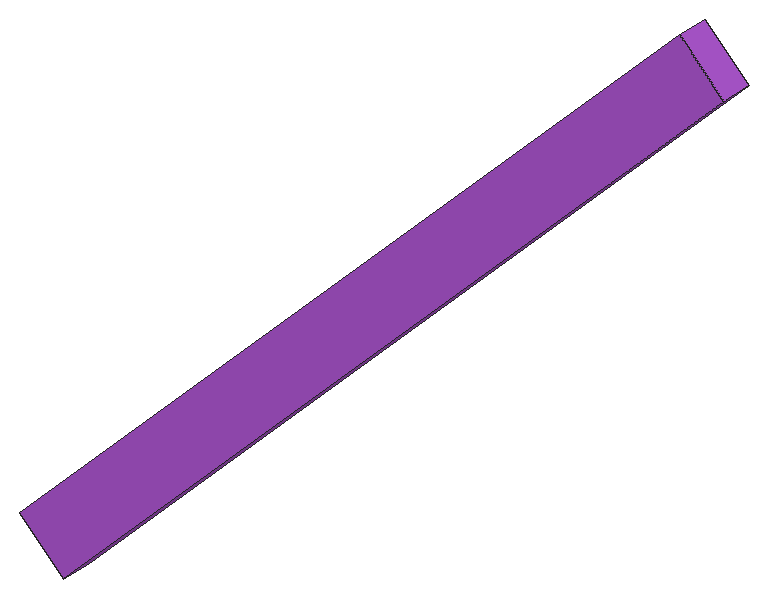
Revit family "ケーブルトレイサポート_H形鋼", category 一般モデル, Revit 2023
Family settings
  鉄筋をホスト可能 = いいえ
  丸型コネクタ寸法 = 直径を使用
  パーツ タイプ = 標準
  作業面ベース = はい
  常に垂直 = いいえ
  ロード時にボイドで切り取り = いいえ
  注釈の向きを維持 = いいえ
  共有 = いいえ
  部屋計算ポイント = いいえ
Parameters (values of type "Ｈ 100 x 50")
  高さ = 100 mm
  長辺 [instance] = 長さ  # 1500 mm
  長さ [instance] = 1500 mm
  部屋名 = ""
  角度 [instance] = 45.00°
  Default Elevation = 1219.2 mm
  構造マテリアル = E304_ケーブルトレイサポート
  幅 = 50 mm
Types (33, lengths in mm): name | 高さ | 長辺 | 長さ | 角度 | 幅
  Ｈ 900 x 300 | 100 | 1500 | 1500 | 45.00° | 50
  Ｈ 800 x 300 | 800 | 1000 | 1000 | 45.00° | 300
  Ｈ 700 x 300 | 700 | 1000 | 1000 | 45.00° | 300
  Ｈ 588 x 300 | 588 | 1000 | 1000 | 45.00° | 300
  Ｈ 600 x 200 | 600 | 1000 | 1000 | 45.00° | 200
  Ｈ 488 x 300 | 488 | 1000 | 1000 | 45.00° | 300
  Ｈ 500 x 200 | 500 | 1000 | 1000 | 45.00° | 200
  Ｈ 440 x 300 | 440 | 1000 | 1000 | 45.00° | 300
  Ｈ 450 x 200 | 450 | 1000 | 1000 | 90.00° | 200
  Ｈ 400 x 400 | 400 | 1000 | 1000 | 45.00° | 400
  Ｈ 390 x 300 | 390 | 1000 | 1000 | 45.00° | 300
  Ｈ 400 x 200 | 400 | 1000 | 1000 | 45.00° | 200
  Ｈ 350 x 350 | 350 | 1000 | 1000 | 45.00° | 350
  Ｈ 340 x 250 | 340 | 1000 | 1000 | 45.00° | 250
  Ｈ 294 x 200 | 294 | 1000 | 1000 | 45.00° | 200
  Ｈ 244 x 175 | 244 | 1000 | 1000 | 45.00° | 175
  Ｈ 350 x 175 | 350 | 1000 | 1000 | 45.00° | 175
  Ｈ 300 x 300 | 300 | 1000 | 1000 | 45.00° | 300
  Ｈ 300 x 150 | 300 | 1000 | 1000 | 45.00° | 150
  Ｈ 250 x 250 | 250 | 1000 | 1000 | 45.00° | 250
  Ｈ 250 x 125 | 250 | 1000 | 1000 | 45.00° | 125
  Ｈ 200 x 200 | 200 | 1000 | 1000 | 45.00° | 200
  Ｈ 194 x 150 | 194 | 1000 | 1000 | 45.00° | 150
  Ｈ 200 x 100 | 200 | 1000 | 1000 | 45.00° | 100
  Ｈ 175 x 175 | 175 | 1000 | 1000 | 45.00° | 175
  Ｈ 175 x 90 | 175 | 1000 | 1000 | 45.00° | 90
  Ｈ 150 x 150 | 150 | 500 | 500 | 45.00° | 150
  Ｈ 148 x 100 | 148 | 1000 | 1000 | 45.00° | 100
  Ｈ 150 x 75 | 150 | 1000 | 1000 | 45.00° | 75
  Ｈ 125 x 125 | 125 | 500 | 500 | 45.00° | 125
  Ｈ 125 x 60 | 125 | 1000 | 1000 | 45.00° | 60
  Ｈ 100 x100 | 100 | 500 | 500 | 45.00° | 100
  Ｈ 100 x 50 | 100 | 1500 | 1500 | 45.00° | 50
Reference planes
  plane 1 "中心(正面/背面)": y = 0
  plane 2: z = 0
  plane 3 "中心(左/右)": x = 0
Lines and regions (mm)
  reference lines
    curve 1: line (0, 0, 0) -> (777.817, 0, 777.817)
    curve 2: line (35.355, 0, -35.355) -> (-35.355, 0, 35.355)
    curve 3: line (1096.016, 0, 1025.305) -> (1025.305, 0, 1096.016)
Dimensions and locks
  equal spacing: curve 2, curve 1, curve 2
  "高さ": curve 2 to curve 2
  equal spacing: curve 3, curve 1, curve 3
  "高さ": curve 3 to curve 3
  "長さ": curve 3 to curve 2
  "角度": angle level to curve 1
  angle curve 2 to curve 1 = 90.00°
  angle curve 3 to curve 1 = 90.00°
  aligned and locked: level to plane 2
  aligned and locked: level to curve 1
  aligned and locked: plane 3 "中心(左/右)" to curve 1
  aligned and locked: nested 1 to curve 1
Nested families
  nested 1: "グレーチング_H形鋼 1" at (-35.355, 0, 35.355) x (0, 1, 0) z (0.7071, 0, -0.7071), 長さ <- "長さ", type "Ｈ 100 x 50"
    with 長辺 1500 mm, 長さ 1500 mm
Definition of nested family "グレーチング_H形鋼 1"
  Parameters (values of type "Ｈ 100 x 50")
    高さ = 100 mm
    長辺 [instance] = 長さ  # 500 mm
    長さ [instance] = 500 mm
    部屋名 = ""
    Default Elevation = 1219.2 mm
    構造マテリアル = none
    幅 = 50 mm
  Reference planes
    plane 1 "中心(正面/背面)": y = 0
    plane 2: z = 0
    plane 3 "中心(左/右)": x = 0
    plane 4: z = 50
    plane 5: z = 100
  Forms (mm)
    Extrusion 1, solid, material <- "構造マテリアル"
      sketch origin (0, 0, 0) x (1, 0, 0) y (0, 1, 0)
        loop
          line (-25, 500) -> (-25, 0) -> (25, 0) -> (25, 500) -> (-25, 500)
      from 0 to 100
  Lines and regions (mm)
    reference lines
      curve 1: line (25, 500, 0) -> (-25, 500, 0)
      curve 2: line (25, 0, 0) -> (-25, 0, 0)
  Dimensions and locks
    "長さ": curve 1 to curve 2
    "幅": Extrusion 1 to Extrusion 1
    equal spacing: Extrusion 1, plane 3 "中心(左/右)", Extrusion 1
    "幅": curve 1 to curve 1
    equal spacing: curve 1, plane 3 "中心(左/右)", curve 1
    "幅": curve 2 to curve 2
    equal spacing: curve 2, plane 3 "中心(左/右)", curve 2
    equal spacing: plane 5, plane 4, level
    "高さ": plane 5 to level
    aligned and locked: level to plane 2
    aligned and locked: Extrusion 1 to curve 2
    aligned and locked: curve 1 to Extrusion 1
    aligned and locked: plane 5 to Extrusion 1
  Automatic sketch dimensions
    Extrusion 1 sketch curve to plane 3 "中心(左/右)" = 25 mm
    plane 3 "中心(左/右)" to Extrusion 1 sketch curve = 25 mm
    plane 1 "中心(正面/背面)" to Extrusion 1 sketch curve = 0 mm
    Extrusion 1 sketch curve to plane 1 "中心(正面/背面)" = 500 mm
    plane 1 "中心(正面/背面)" to curve 2 = 0 mm
